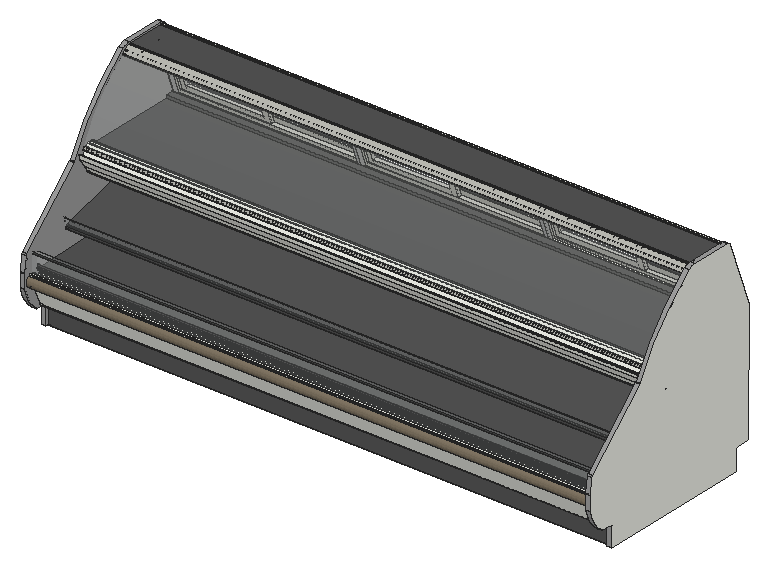
Revit family "CR3-H_2014", category Specialty Equipment, Revit 2014 (continued)
Automatic sketch dimensions
  Extrusion 4 sketch curve to Extrusion 4 sketch curve = 3.41548"
  Extrusion 4 sketch curve to Extrusion 4 sketch curve = 0.07575"
  Extrusion 4 sketch curve to Extrusion 4 sketch curve = 0.015"  (x2)
  Extrusion 4 sketch curve to Extrusion 4 sketch curve = 0.02598"
  Extrusion 4 sketch curve to Extrusion 4 sketch curve = 0.71047"
  Extrusion 4 sketch curve to Extrusion 4 sketch curve = 0.83571"
  Extrusion 4 sketch curve to Extrusion 4 sketch curve = 0.0325"
  Extrusion 4 sketch curve to Extrusion 4 sketch curve = 0.05157"
  Extrusion 4 sketch curve to Extrusion 4 sketch curve = 0.15131"
  Extrusion 4 sketch curve to Extrusion 4 sketch curve = 0.0366"
  Extrusion 4 sketch curve to Extrusion 4 sketch curve = 0.91312"
  Extrusion 4 sketch curve to Extrusion 4 sketch curve = 0.03995"
  Extrusion 4 sketch curve to Extrusion 4 sketch curve = 0.85479"
  Extrusion 4 sketch curve to Extrusion 4 sketch curve = 0.05372"
  Extrusion 4 sketch curve to Extrusion 4 sketch curve = 0.75387"
  Extrusion 4 sketch curve to Extrusion 4 sketch curve = 0.0238"
  Extrusion 4 sketch curve to Extrusion 4 sketch curve = 0.01291"
  Extrusion 4 sketch curve to Extrusion 4 sketch curve = 0.75022"
  Extrusion 4 sketch curve to Extrusion 4 sketch curve = 0.77812"
  Extrusion 4 sketch curve to Extrusion 4 sketch curve = 0.02374"
  Extrusion 4 sketch curve to Extrusion 4 sketch curve = 0.2159"
  Extrusion 4 sketch curve to Extrusion 4 sketch curve = 0.02365"
  Extrusion 4 sketch curve to Extrusion 4 sketch curve = 0.06259"
  Extrusion 4 sketch curve to Extrusion 4 sketch curve = 0.05811"
  Extrusion 4 sketch curve to Extrusion 4 sketch curve = 1/16"
  Extrusion 4 sketch curve to Extrusion 4 sketch curve = 0.00996"
  Extrusion 4 sketch curve to Extrusion 4 sketch curve = 0.06037"
  Extrusion 4 sketch curve to Extrusion 4 sketch curve = 1.03228"
  Extrusion 4 sketch curve to Extrusion 4 sketch curve = 0.002"
  Extrusion 4 sketch curve to Extrusion 4 sketch curve = 0.07433"
  Extrusion 4 sketch curve to Extrusion 4 sketch curve = 0.05894"
  Extrusion 4 sketch curve to Extrusion 4 sketch curve = 0.942"
  Extrusion 4 sketch curve to Extrusion 4 sketch curve = 0.437"
  Extrusion 4 sketch curve to Extrusion 4 sketch curve = 1.30099"
  Extrusion 4 sketch curve to Extrusion 4 sketch curve = 0.321"  (x2)
  Extrusion 4 sketch curve to Extrusion 4 sketch curve = 0.3835"
  Extrusion 4 sketch curve to Extrusion 4 sketch curve = 0.33171"
  Extrusion 4 sketch curve to Extrusion 4 sketch curve = 0.48743"
  Extrusion 4 sketch curve to Extrusion 4 sketch curve = 0.0925"  (x2)
  Extrusion 4 sketch curve to Extrusion 4 sketch curve = 0.71176"
  Extrusion 4 sketch curve to Extrusion 4 sketch curve = 0.95999"
  level to Extrusion 4 sketch curve = 7.41108"
  Extrusion 4 sketch curve to Extrusion 4 sketch curve = 0.70692"
  Extrusion 4 sketch curve to Extrusion 4 sketch curve = 0.92046"
  Extrusion 4 sketch curve to Extrusion 4 sketch curve = 0.03"
  Extrusion 4 sketch curve to Extrusion 4 sketch curve = 0.57125"
  Extrusion 4 sketch curve to Extrusion 4 sketch curve = 0.01129"
  Extrusion 4 sketch curve to Extrusion 4 sketch curve = 0.18131"
  Extrusion 4 sketch curve to Extrusion 4 sketch curve = 0.02229"
  Extrusion 4 sketch curve to Extrusion 4 sketch curve = 2.51608"
  Extrusion 4 sketch curve to Extrusion 4 sketch curve = 0.234"
  Extrusion 4 sketch curve to Extrusion 4 sketch curve = 3.88125"
  Extrusion 4 sketch curve to Extrusion 4 sketch curve = 0.91209"
  Extrusion 4 sketch curve to Extrusion 4 sketch curve = 0.01618"
  Extrusion 4 sketch curve to Extrusion 4 sketch curve = 0.09662"
  Extrusion 4 sketch curve to Extrusion 4 sketch curve = 0.11688"
  Extrusion 4 sketch curve to Extrusion 4 sketch curve = 1.62375"
  Extrusion 4 sketch curve to Extrusion 4 sketch curve = 0.1555"
  Extrusion 4 sketch curve to Extrusion 4 sketch curve = 0.062"
  Extrusion 4 sketch curve to Extrusion 4 sketch curve = 0.59641"
  Extrusion 4 sketch curve to Extrusion 4 sketch curve = 0.371"
  Extrusion 4 sketch curve to Extrusion 4 sketch curve = 0.24458"
  Extrusion 4 sketch curve to Extrusion 4 sketch curve = 12.24798"
  Extrusion 4 sketch curve to Extrusion 4 sketch curve = 0.00656"
  Extrusion 4 sketch curve to Extrusion 4 sketch curve = 0.39739"
  Extrusion 4 sketch curve to Extrusion 4 sketch curve = 0.32631"
  Extrusion 4 sketch curve to Extrusion 4 sketch curve = 0.39507"
  Extrusion 4 sketch curve to Extrusion 4 sketch curve = 2.2093"
  Extrusion 4 sketch curve to Extrusion 4 sketch curve = 0.96558"
  Extrusion 4 sketch curve to Extrusion 4 sketch curve = 0.01537"
  Extrusion 4 sketch curve to Extrusion 4 sketch curve = 1.40745"
  Extrusion 4 sketch curve to Extrusion 4 sketch curve = 1.95994"
  Extrusion 4 sketch curve to Extrusion 4 sketch curve = 0.22796"
  Extrusion 4 sketch curve to Extrusion 4 sketch curve = 0.43429"
  Extrusion 4 sketch curve to Extrusion 4 sketch curve = 0.4825"
  Extrusion 4 sketch curve to Extrusion 4 sketch curve = 0.17619"
  Extrusion 4 sketch curve to Extrusion 4 sketch curve = 0.12493"
  Extrusion 4 sketch curve to Extrusion 4 sketch curve = 1.46908"
  Extrusion 4 sketch curve to Extrusion 4 sketch curve = 0.03185"
  Extrusion 4 sketch curve to Extrusion 4 sketch curve = 2.01993"
  Extrusion 4 sketch curve to Extrusion 4 sketch curve = 0.68782"
  Extrusion 4 sketch curve to Extrusion 4 sketch curve = 0.00882"
  Extrusion 4 sketch curve to Extrusion 4 sketch curve = 0.37625"
  Extrusion 4 sketch curve to Extrusion 4 sketch curve = 0.06078"
  Extrusion 4 sketch curve to Extrusion 4 sketch curve = 0.07809"
  Extrusion 4 sketch curve to Extrusion 4 sketch curve = 4.12766"
  Extrusion 4 sketch curve to Extrusion 4 sketch curve = 0.01127"
  Extrusion 4 sketch curve to Extrusion 4 sketch curve = 0.16976"
  Extrusion 4 sketch curve to Extrusion 4 sketch curve = 0.01077"
  Extrusion 4 sketch curve to Extrusion 4 sketch curve = 0.25301"
  Extrusion 4 sketch curve to Extrusion 4 sketch curve = 0.0054"
  Extrusion 4 sketch curve to Extrusion 4 sketch curve = 0.11679"
  Extrusion 4 sketch curve to Extrusion 4 sketch curve = 35/128"
  Extrusion 4 sketch curve to Extrusion 4 sketch curve = 0.98246"
  Extrusion 4 sketch curve to Extrusion 4 sketch curve = 0.00402"
  Extrusion 4 sketch curve to Extrusion 4 sketch curve = 0.52991"
  Extrusion 4 sketch curve to Extrusion 4 sketch curve = 0.12516"
  Extrusion 4 sketch curve to Extrusion 4 sketch curve = 0.00521"
  Extrusion 4 sketch curve to Extrusion 4 sketch curve = 0.5022"
  Extrusion 4 sketch curve to Extrusion 4 sketch curve = 0.30902"
  Extrusion 4 sketch curve to Extrusion 4 sketch curve = 0.03957"
  Extrusion 4 sketch curve to Extrusion 4 sketch curve = 0.82"
  Extrusion 4 sketch curve to Extrusion 4 sketch curve = 0.0258"
  Extrusion 4 sketch curve to Extrusion 4 sketch curve = 0.03743"
  Extrusion 4 sketch curve to Extrusion 4 sketch curve = 0.03257"
  Extrusion 4 sketch curve to Extrusion 4 sketch curve = 0.03732"
  Extrusion 4 sketch curve to Extrusion 4 sketch curve = 0.15477"
  Extrusion 4 sketch curve to Extrusion 4 sketch curve = 0.04499"
  Extrusion 4 sketch curve to Extrusion 4 sketch curve = 0.435"  (x2)
  Extrusion 4 sketch curve to Extrusion 4 sketch curve = 0.50144"
  Extrusion 4 sketch curve to Extrusion 4 sketch curve = 0.00074"
  Extrusion 4 sketch curve to Extrusion 4 sketch curve = 0.03381"
  Extrusion 5 sketch curve to Extrusion 5 sketch curve = 0"  (x3)
  Extrusion 5 sketch curve to Extrusion 5 sketch curve = 0.06362"
  Extrusion 5 sketch curve to Extrusion 5 sketch curve = 0.07036"
  Extrusion 5 sketch curve to Extrusion 5 sketch curve = 0.03426"
  Extrusion 5 sketch curve to Extrusion 5 sketch curve = 0.0544"
  Extrusion 5 sketch curve to Extrusion 5 sketch curve = 0.06497"
  Extrusion 5 sketch curve to Extrusion 5 sketch curve = 0.03498"  (x2)
  Extrusion 5 sketch curve to Extrusion 5 sketch curve = 0.02998"
  Extrusion 5 sketch curve to Extrusion 5 sketch curve = 0.00096"
  Extrusion 5 sketch curve to Extrusion 5 sketch curve = 0.00112"
  Extrusion 5 sketch curve to Extrusion 5 sketch curve = 0.0139"
  plane 1 "Back" to Extrusion 5 sketch curve = 21.46057"
  Extrusion 5 sketch curve to Extrusion 5 sketch curve = 0.688"
  level to Extrusion 5 sketch curve = 14.02412"
  Extrusion 5 sketch curve to Extrusion 5 sketch curve = 0.43266"
  Extrusion 5 sketch curve to Extrusion 5 sketch curve = 0.0279"
  Extrusion 5 sketch curve to Extrusion 5 sketch curve = 0.6195"
  Extrusion 5 sketch curve to Extrusion 5 sketch curve = 0.00718"
  Extrusion 5 sketch curve to Extrusion 5 sketch curve = 0.44601"
  Extrusion 5 sketch curve to Extrusion 5 sketch curve = 0.01333"
  Extrusion 5 sketch curve to Extrusion 5 sketch curve = 9.28781"
  Extrusion 6 sketch curve to Extrusion 6 sketch curve = 0.06041"
  Extrusion 6 sketch curve to Extrusion 6 sketch curve = 0.16871"
  Extrusion 6 sketch curve to Extrusion 6 sketch curve = 0.06028"
  Extrusion 6 sketch curve to Extrusion 6 sketch curve = 0.00013"
  Extrusion 6 sketch curve to Extrusion 6 sketch curve = 0.01605"
  Extrusion 6 sketch curve to Extrusion 6 sketch curve = 0.20224"
  Extrusion 6 sketch curve to Extrusion 6 sketch curve = 0.04419"
  Extrusion 6 sketch curve to Extrusion 6 sketch curve = 0.06037"  (x4)
  Extrusion 6 sketch curve to Extrusion 6 sketch curve = 0.25343"
  Extrusion 6 sketch curve to Extrusion 6 sketch curve = 0.58875"
  Extrusion 6 sketch curve to Extrusion 6 sketch curve = 0.56443"
  Extrusion 6 sketch curve to Extrusion 6 sketch curve = 0.02594"
  Extrusion 6 sketch curve to Extrusion 6 sketch curve = 0.03864"
  Extrusion 6 sketch curve to Extrusion 6 sketch curve = 0.01757"
  Extrusion 6 sketch curve to Extrusion 6 sketch curve = 0.8447"
  Extrusion 6 sketch curve to Extrusion 6 sketch curve = 0.03897"
  Extrusion 6 sketch curve to Extrusion 6 sketch curve = 0.08331"
  Extrusion 6 sketch curve to Extrusion 6 sketch curve = 0.00906"  (x2)
  Extrusion 6 sketch curve to Extrusion 6 sketch curve = 0.03381"
  Extrusion 6 sketch curve to Extrusion 6 sketch curve = 0.08021"
  Extrusion 6 sketch curve to Extrusion 6 sketch curve = 0.03427"
  Extrusion 6 sketch curve to Extrusion 6 sketch curve = 0.03335"  (x2)
  Extrusion 6 sketch curve to Extrusion 6 sketch curve = 0.52078"
  Extrusion 6 sketch curve to Extrusion 6 sketch curve = 0.01551"
  Extrusion 6 sketch curve to Extrusion 6 sketch curve = 0.06761"
  Extrusion 6 sketch curve to Extrusion 6 sketch curve = 13.05208"
  Extrusion 6 sketch curve to Extrusion 6 sketch curve = 0.01618"  (x4)
  Extrusion 6 sketch curve to Extrusion 6 sketch curve = 0.19411"
  level to Extrusion 6 sketch curve = 19.52816"
  Extrusion 6 sketch curve to Extrusion 6 sketch curve = 0.04594"
  Extrusion 6 sketch curve to Extrusion 6 sketch curve = 0.00048"
  Extrusion 6 sketch curve to Extrusion 6 sketch curve = 0.06775"
  Extrusion 6 sketch curve to Extrusion 6 sketch curve = 0.09835"
  Extrusion 6 sketch curve to Extrusion 6 sketch curve = 0.03045"
  Extrusion 6 sketch curve to Extrusion 6 sketch curve = 0.11828"
  Extrusion 6 sketch curve to Extrusion 6 sketch curve = 0.06155"
  Extrusion 6 sketch curve to Extrusion 6 sketch curve = 0.19448"
  Extrusion 6 sketch curve to Extrusion 6 sketch curve = 0.00806"
  Extrusion 6 sketch curve to Extrusion 6 sketch curve = 0.73078"
  Extrusion 6 sketch curve to Extrusion 6 sketch curve = 0.04343"
  Extrusion 6 sketch curve to Extrusion 6 sketch curve = 0.15767"
  Extrusion 6 sketch curve to Extrusion 6 sketch curve = 0.03611"
  Extrusion 6 sketch curve to Extrusion 6 sketch curve = 0.29027"
  Extrusion 6 sketch curve to Extrusion 6 sketch curve = 0.02232"
  Extrusion 6 sketch curve to Extrusion 6 sketch curve = 3.49547"
  Extrusion 6 sketch curve to Extrusion 6 sketch curve = 0.72444"
  Extrusion 7 sketch curve to Extrusion 7 sketch curve = 0.12074"  (x2)
  Extrusion 7 sketch curve to Extrusion 7 sketch curve = 0.71175"
  Extrusion 7 sketch curve to Extrusion 7 sketch curve = 0.24152"
  level to Extrusion 7 sketch curve = 19.59182"
  Extrusion 7 sketch curve to Extrusion 7 sketch curve = 0.06457"
  Extrusion 7 sketch curve to Extrusion 7 sketch curve = 2.6563"
  Extrusion 7 sketch curve to Extrusion 7 sketch curve = 0.03235"
  Extrusion 8 sketch curve to Extrusion 8 sketch curve = 0.23743"
  Extrusion 8 sketch curve to Extrusion 8 sketch curve = 1/4"
  level to Extrusion 8 sketch curve = 13.11258"
  Extrusion 8 sketch curve to Extrusion 8 sketch curve = 5.49984"
  level to Extrusion 9 sketch curve = 11.47878"
  Extrusion 9 sketch curve to Extrusion 9 sketch curve = 1 1/4"
  level to Extrusion 12 sketch curve = 0.02008"
  Extrusion 12 sketch curve to Extrusion 12 sketch curve = 0.035"  (x3)
  Extrusion 12 sketch curve to level = 0.01492"  (x2)
  Extrusion 12 sketch curve to Extrusion 12 sketch curve = 29/64"
  Extrusion 12 sketch curve to Extrusion 12 sketch curve = 3/64"  (x2)
  Extrusion 12 sketch curve to Extrusion 12 sketch curve = 0.08188"
  plane 1 "Back" to Extrusion 12 sketch curve = 4.19387"
  level to Extrusion 12 sketch curve = 0.05241"
  Extrusion 12 sketch curve to Extrusion 12 sketch curve = 0.30277"
  level to Extrusion 12 sketch curve = 0.08467"
  Extrusion 12 sketch curve to Extrusion 12 sketch curve = 0.01862"
  Extrusion 12 sketch curve to Extrusion 12 sketch curve = 0.36323"
  level to Extrusion 12 sketch curve = 5/256"
  Extrusion 12 sketch curve to Extrusion 12 sketch curve = 0.00608"
  Extrusion 12 sketch curve to Extrusion 12 sketch curve = 3/8"  (x2)
  level to Extrusion 12 sketch curve = 0.45495"
  Extrusion 12 sketch curve to Extrusion 12 sketch curve = 0.01274"
  Extrusion 12 sketch curve to Extrusion 12 sketch curve = 4.68"
  Extrusion 12 sketch curve to Extrusion 12 sketch curve = 5.01739"
  Extrusion 16 sketch curve to Extrusion 16 sketch curve = 0.24987"
  level to Extrusion 16 sketch curve = 14.52078"
  Extrusion 16 sketch curve to Extrusion 16 sketch curve = 0.00803"
  Extrusion 19 sketch curve to Extrusion 19 sketch curve = 3.10211"
  Extrusion 19 sketch curve to Extrusion 19 sketch curve = 2.4486"
  Extrusion 19 sketch curve to Extrusion 19 sketch curve = 0.72957"
  Extrusion 19 sketch curve to Extrusion 19 sketch curve = 2.09477"
  Extrusion 19 sketch curve to Extrusion 19 sketch curve = 0.76243"
  Extrusion 20 sketch curve to Extrusion 20 sketch curve = 3.10211"
  Extrusion 20 sketch curve to Extrusion 20 sketch curve = 2.4486"
  Extrusion 20 sketch curve to Extrusion 20 sketch curve = 0.72957"
  Extrusion 20 sketch curve to Extrusion 20 sketch curve = 2.09477"
  Extrusion 20 sketch curve to Extrusion 20 sketch curve = 0.76243"
  Extrusion 25 sketch curve to Extrusion 25 sketch curve = 3.10211"
  Extrusion 25 sketch curve to Extrusion 25 sketch curve = 2.4486"
  Extrusion 25 sketch curve to Extrusion 25 sketch curve = 0.72957"
  Extrusion 25 sketch curve to Extrusion 25 sketch curve = 2.09477"
  Extrusion 25 sketch curve to Extrusion 25 sketch curve = 0.76243"
  Extrusion 26 sketch curve to Extrusion 26 sketch curve = 3.10211"
  Extrusion 26 sketch curve to Extrusion 26 sketch curve = 2.4486"
  Extrusion 26 sketch curve to Extrusion 26 sketch curve = 0.72957"
  Extrusion 26 sketch curve to Extrusion 26 sketch curve = 2.09477"
  Extrusion 26 sketch curve to Extrusion 26 sketch curve = 0.76243"
  Extrusion 27 sketch curve to Extrusion 27 sketch curve = 3.10211"
  Extrusion 27 sketch curve to Extrusion 27 sketch curve = 2.4486"
  Extrusion 27 sketch curve to Extrusion 27 sketch curve = 0.72957"
  Extrusion 27 sketch curve to Extrusion 27 sketch curve = 2.09477"
  Extrusion 27 sketch curve to Extrusion 27 sketch curve = 0.76243"
  Extrusion 31 sketch curve to Extrusion 31 sketch curve = 3.10211"
  Extrusion 31 sketch curve to Extrusion 31 sketch curve = 2.4486"
  Extrusion 31 sketch curve to Extrusion 31 sketch curve = 0.72957"
  Extrusion 31 sketch curve to Extrusion 31 sketch curve = 2.09477"
  Extrusion 31 sketch curve to Extrusion 31 sketch curve = 0.76243"
  Extrusion 32 sketch curve to Extrusion 32 sketch curve = 3.10211"
  Extrusion 32 sketch curve to Extrusion 32 sketch curve = 2.4486"
  Extrusion 32 sketch curve to Extrusion 32 sketch curve = 0.72957"
  Extrusion 32 sketch curve to Extrusion 32 sketch curve = 2.09477"
  Extrusion 32 sketch curve to Extrusion 32 sketch curve = 0.76243"
  Extrusion 33 sketch curve to Extrusion 33 sketch curve = 3.10211"
  Extrusion 33 sketch curve to Extrusion 33 sketch curve = 2.4486"
  Extrusion 33 sketch curve to Extrusion 33 sketch curve = 0.72957"
  Extrusion 33 sketch curve to Extrusion 33 sketch curve = 2.09477"
  Extrusion 33 sketch curve to Extrusion 33 sketch curve = 0.76243"
  Extrusion 37 sketch curve to Extrusion 37 sketch curve = 3.10211"
  Extrusion 37 sketch curve to Extrusion 37 sketch curve = 2.4486"
  Extrusion 37 sketch curve to Extrusion 37 sketch curve = 0.72957"
  Extrusion 37 sketch curve to Extrusion 37 sketch curve = 2.09477"
  Extrusion 37 sketch curve to Extrusion 37 sketch curve = 0.76243"
  Extrusion 38 sketch curve to Extrusion 38 sketch curve = 3.10211"
  Extrusion 38 sketch curve to Extrusion 38 sketch curve = 2.4486"
  Extrusion 38 sketch curve to Extrusion 38 sketch curve = 0.72957"
  Extrusion 38 sketch curve to Extrusion 38 sketch curve = 2.09477"
  Extrusion 38 sketch curve to Extrusion 38 sketch curve = 0.76243"
  Extrusion 41 sketch curve to Extrusion 41 sketch curve = 3.10211"
  Extrusion 41 sketch curve to Extrusion 41 sketch curve = 2.4486"
  Extrusion 41 sketch curve to Extrusion 41 sketch curve = 0.72957"
  Extrusion 41 sketch curve to Extrusion 41 sketch curve = 2.09477"
  Extrusion 41 sketch curve to Extrusion 41 sketch curve = 0.76243"
  Extrusion 42 sketch curve to Extrusion 42 sketch curve = 3.10211"
  Extrusion 42 sketch curve to Extrusion 42 sketch curve = 2.4486"
  Extrusion 42 sketch curve to Extrusion 42 sketch curve = 0.72957"
  Extrusion 42 sketch curve to Extrusion 42 sketch curve = 2.09477"
  Extrusion 42 sketch curve to Extrusion 42 sketch curve = 0.76243"
  Extrusion 45 sketch curve to Extrusion 45 sketch curve = 3.10211"
  Extrusion 45 sketch curve to Extrusion 45 sketch curve = 2.4486"
  Extrusion 45 sketch curve to Extrusion 45 sketch curve = 0.72957"
  Extrusion 45 sketch curve to Extrusion 45 sketch curve = 2.09477"
  Extrusion 45 sketch curve to Extrusion 45 sketch curve = 0.76243"
  Extrusion 46 sketch curve to Extrusion 46 sketch curve = 3.10211"
  Extrusion 46 sketch curve to Extrusion 46 sketch curve = 2.4486"
  Extrusion 46 sketch curve to Extrusion 46 sketch curve = 0.72957"
  Extrusion 46 sketch curve to Extrusion 46 sketch curve = 2.09477"
  Extrusion 46 sketch curve to Extrusion 46 sketch curve = 0.76243"
  Extrusion 4 sketch curve to Extrusion 4 sketch curve = 0.22465"
  Extrusion 4 sketch curve to Extrusion 4 sketch curve = 0.92417"
  Extrusion 4 sketch curve to Extrusion 4 sketch curve = 0.21425"
  plane 1 "Back" to Extrusion 4 sketch curve = 0.33657"
  plane 8 to Extrusion 4 sketch curve = 0.09572"
  Extrusion 4 sketch curve to Extrusion 4 sketch curve = 0.53"
  plane 8 to Extrusion 4 sketch curve = 3.18393"
  Extrusion 4 sketch curve to Extrusion 4 sketch curve = 0.05336"
  plane 8 to Extrusion 4 sketch curve = 3.50133"
  Extrusion 4 sketch curve to Extrusion 4 sketch curve = 0.785"
  Extrusion 4 sketch curve to Extrusion 4 sketch curve = 0.40118"
  Extrusion 4 sketch curve to Extrusion 4 sketch curve = 0.46779"
  Extrusion 4 sketch curve to plane 8 = 0.05343"
  Extrusion 4 sketch curve to plane 8 = 0.15672"
  plane 8 to Extrusion 10 sketch curve = 0.09233"
  plane 8 to Extrusion 10 sketch curve = 0.01698"
  Extrusion 10 sketch curve to plane 8 = 0.02831"
  Extrusion 10 sketch curve to Extrusion 10 sketch curve = 0.23622"
  Extrusion 10 sketch curve to Extrusion 10 sketch curve = 0.2303"
  level to Extrusion 11 sketch curve = 19.53233"
  plane 8 to Extrusion 11 sketch curve = 2.41645"
  Extrusion 11 sketch curve to Extrusion 11 sketch curve = 0.09901"
  Extrusion 11 sketch curve to Extrusion 11 sketch curve = 0.12395"
  Extrusion 11 sketch curve to Extrusion 11 sketch curve = 0.42972"
  Extrusion 11 sketch curve to Extrusion 11 sketch curve = 0.00406"
  Extrusion 11 sketch curve to Extrusion 11 sketch curve = 0.09396"
  Extrusion 11 sketch curve to Extrusion 11 sketch curve = 0.10363"
  Extrusion 11 sketch curve to Extrusion 11 sketch curve = 0.03523"
  Extrusion 11 sketch curve to Extrusion 11 sketch curve = 0.24706"
  Extrusion 11 sketch curve to Extrusion 11 sketch curve = 0.03896"
  Extrusion 11 sketch curve to Extrusion 11 sketch curve = 0.51233"
  Extrusion 11 sketch curve to Extrusion 11 sketch curve = 0.032"
  Extrusion 11 sketch curve to Extrusion 11 sketch curve = 0.07685"
  Extrusion 11 sketch curve to Extrusion 11 sketch curve = 0.11966"
  Extrusion 11 sketch curve to Extrusion 11 sketch curve = 0.00808"
  Extrusion 11 sketch curve to Extrusion 11 sketch curve = 0.04801"
  Extrusion 11 sketch curve to Extrusion 11 sketch curve = 0.04591"
  plane 8 to Extrusion 11 sketch curve = 0.34618"
  plane 8 to Extrusion 11 sketch curve = 0.26542"
  Extrusion 11 sketch curve to Extrusion 11 sketch curve = 0.03859"
  plane 8 to Extrusion 11 sketch curve = 0.09572"
  Extrusion 11 sketch curve to plane 8 = 0.13138"
  plane 8 to Extrusion 13 sketch curve = 18.06353"
  Extrusion 13 sketch curve to Extrusion 13 sketch curve = 0.3456"
  level to Extrusion 14 sketch curve = 19.53233"
  plane 8 to Extrusion 14 sketch curve = 17.70503"
  plane 9 to Extrusion 4 sketch curve = 6.06739"
  plane 9 to Extrusion 5 sketch curve = 3.77178"
  plane 9 to Extrusion 6 sketch curve = 12.69225"
  plane 9 to Extrusion 7 sketch curve = 12.22178"
  plane 9 to Extrusion 8 sketch curve = 1.89546"
  plane 9 to Extrusion 9 sketch curve = 0.9987"
  plane 9 to Extrusion 9 sketch curve = 1.27995"
  plane 8 to Extrusion 11 sketch curve = 17.50201"
  plane 9 to Extrusion 12 sketch curve = 7.57175"
  plane 9 to Extrusion 13 sketch curve = 21.14121"
  Extrusion 14 sketch curve to Extrusion 14 sketch curve = 13.37003"
  plane 9 to Extrusion 16 sketch curve = 3.59732"
  Extrusion 16 sketch curve to Extrusion 16 sketch curve = 0.12848"
  Extrusion 49 sketch curve to level = 0"
  Extrusion 49 sketch curve to plane 1 "Back" = 0"
  level to Extrusion 49 sketch curve = 4.82131"
  level to Extrusion 49 sketch curve = 5.0659"
  Extrusion 49 sketch curve to Extrusion 49 sketch curve = 1/2"  (x3)
  level to Extrusion 49 sketch curve = 8.20113"
  Extrusion 49 sketch curve to plane 9 = 0.25227"
  Extrusion 49 sketch curve to Extrusion 49 sketch curve = 5.99503"
  Extrusion 49 sketch curve to Extrusion 49 sketch curve = 7.97116"
  plane 9 to Extrusion 49 sketch curve = 0.44773"
  Extrusion 49 sketch curve to Extrusion 49 sketch curve = 3.55575"
  Extrusion 49 sketch curve to plane 9 = 0.24444"
  plane 9 to Extrusion 49 sketch curve = 1.02937"
  Extrusion 49 sketch curve to Extrusion 49 sketch curve = 3.85592"
  plane 9 to Extrusion 49 sketch curve = 0.3372"
  Extrusion 49 sketch curve to Extrusion 49 sketch curve = 0.10441"
  plane 9 to Extrusion 49 sketch curve = 0.55019"
  plane 8 to Extrusion 49 sketch curve = 19.4892"
  Extrusion 49 sketch curve to Extrusion 49 sketch curve = 0.51027"
  plane 8 to Extrusion 49 sketch curve = 16.3017"
  plane 8 to Extrusion 49 sketch curve = 2.47374"
  plane 8 to Extrusion 49 sketch curve = 0.17374"
  Extrusion 49 sketch curve to plane 8 = 0.06605"
  Extrusion 49 sketch curve to plane 8 = 0.52626"
  Extrusion 49 sketch curve to plane 1 "Back" = 16.495"
  Extrusion 49 sketch curve to Extrusion 49 sketch curve = 3.00118"
  plane 1 "Back" to Extrusion 49 sketch curve = 5.96807"
  Extrusion 49 sketch curve to Extrusion 49 sketch curve = 10.41409"
  plane 9 to Extrusion 49 sketch curve = 15.7486"
  Extrusion 49 sketch curve to Extrusion 49 sketch curve = 0.47919"
  Extrusion 49 sketch curve to Extrusion 49 sketch curve = 9.01499"
  Extrusion 49 sketch curve to Extrusion 49 sketch curve = 2.96898"
  Extrusion 49 sketch curve to Extrusion 49 sketch curve = 0"
  Extrusion 50 sketch curve to level = 0"
  Extrusion 50 sketch curve to plane 1 "Back" = 0"
  plane 1 "Back" to Extrusion 50 sketch curve = 1/2"
  Extrusion 50 sketch curve to Extrusion 50 sketch curve = 3.00118"
  plane 1 "Back" to Extrusion 50 sketch curve = 4.00118"
  Extrusion 50 sketch curve to plane 8 = 0.06605"
  plane 1 "Back" to Extrusion 50 sketch curve = 5.96807"
  Extrusion 50 sketch curve to plane 8 = 0.52626"
  Extrusion 50 sketch curve to Extrusion 50 sketch curve = 0.65765"
  plane 8 to Extrusion 50 sketch curve = 2.47374"
  Extrusion 50 sketch curve to Extrusion 50 sketch curve = 10.41409"
  plane 9 to Extrusion 50 sketch curve = 15.7486"
  Extrusion 50 sketch curve to Extrusion 50 sketch curve = 0.47919"
  plane 9 to Extrusion 50 sketch curve = 9.46272"
  plane 9 to Extrusion 50 sketch curve = 6.53707"
  Extrusion 50 sketch curve to Extrusion 50 sketch curve = 1/2"
  Extrusion 50 sketch curve to Extrusion 50 sketch curve = 2.46898"
  plane 9 to Extrusion 50 sketch curve = 1.02937"
  plane 9 to Extrusion 50 sketch curve = 0.55019"
  plane 9 to Extrusion 50 sketch curve = 0.44773"
  plane 9 to Extrusion 50 sketch curve = 0.3372"
  Extrusion 50 sketch curve to plane 9 = 0.24444"
  Extrusion 50 sketch curve to Extrusion 50 sketch curve = 1/128"
  level to Extrusion 50 sketch curve = 8.20113"
  Extrusion 50 sketch curve to plane 1 "Back" = 16.495"
  level to Extrusion 50 sketch curve = 4.82131"
  level to Extrusion 50 sketch curve = 5.0659"
  Extrusion 50 sketch curve to Extrusion 50 sketch curve = 5.99503"
  Extrusion 50 sketch curve to Extrusion 50 sketch curve = 3.55575"
  Extrusion 50 sketch curve to Extrusion 50 sketch curve = 3.85592"
  Extrusion 50 sketch curve to Extrusion 50 sketch curve = 0.10441"
  plane 8 to Extrusion 50 sketch curve = 19.4892"
  Extrusion 50 sketch curve to Extrusion 50 sketch curve = 0.51027"
  plane 8 to Extrusion 50 sketch curve = 16.3017"
  Extrusion 50 sketch curve to Extrusion 50 sketch curve = 0"
  Extrusion 1 sketch curve to Extrusion 1 sketch curve = 0"  (x2)
  Extrusion 2 sketch curve to Extrusion 2 sketch curve = 0"
  Extrusion 3 sketch curve to Extrusion 3 sketch curve = 0"
  curve 8 to plane 3 "Left" = 0"
  curve 8 to plane 6 "Right" = 0"
  plane 1 "Back" to curve 1 = 0"
  plane 1 "Back" to curve 4 = 0"
  plane 1 "Back" to curve 2 = 0"
  plane 1 "Back" to curve 3 = 0"
  plane 1 "Back" to curve 5 = 0"
  curve 3 to plane 9 = 1"
  curve 4 to plane 9 = 1"
  curve 2 to plane 9 = 1"
  curve 5 to plane 9 = 1"
  curve 1 to plane 9 = 1"
  Extrusion 15 sketch curve to Extrusion 15 sketch curve = 0"  (x3)
  plane 4 "Center (Left/Right)" to Extrusion 15 sketch curve = 5"
Nested families (in)
  nested 1: "Floor Support - Pegs" at (-75.99499, -30.6875, 0), type "Floor Support - Pegs"
  nested 2: "Floor Support - Pegs" at (65.38051, -30.6875, 0), type "Floor Support - Pegs"
  nested 3: "Service Doors - 110deg - 48" at (18.69301, -25.0591, 11.25191), visible <- "12 Case", type "Service Doors - 110deg - 48"
  nested 4: "Light" at (-5.30699, -5.50716, -2.18133), type "Light"
  nested 5: "Light" at (-5.30699, -20.5797, -21.84835), type "Light"
  nested 6: "Light" at (-5.30699, -27.6863, -31.8452), type "Light"
  nested 7: "Service Doors - 110deg - 48" at (-29.30699, -25.0591, 11.25191), visible <- "12 Case", type "Service Doors - 110deg - 48"
  nested 8: "Service Doors - 110deg - 48" at (-77.30699, -25.0591, 11.25191), visible <- "12 Case", type "Service Doors - 110deg - 48"
  nested 9: "Service Doors - 110deg - 48" at (18.69301, -25.0591, 11.25191), visible <- "12 Case", type "Service Doors - 110deg - 48", not visible
  nested 10: "Service Doors - 110deg - 48" at (-29.30699, -25.0591, 11.25191), visible <- "12 Case", type "Service Doors - 110deg - 48", not visible
  nested 11: "Service Doors - 110deg - 48" at (-77.30699, -25.0591, 11.25191), visible <- "12 Case", type "Service Doors - 110deg - 48", not visible
  nested 12: "Service Doors - 110deg - 48" at (-29.30699, -25.0591, 11.25191), visible <- "8 Case", type "Service Doors - 110deg - 48"
  nested 13: "Service Doors - 110deg - 48" at (-77.30699, -25.0591, 11.25191), visible <- "8 Case", type "Service Doors - 110deg - 48"
  nested 14: "Service Doors - 110deg - 48" at (-29.30699, -25.0591, 11.25191), visible <- "8 Case", type "Service Doors - 110deg - 48", not visible
  nested 15: "Service Doors - 110deg - 48" at (-77.30699, -25.0591, 11.25191), visible <- "8 Case", type "Service Doors - 110deg - 48", not visible
  nested 16: "Service Doors - 110deg - 48" at (-77.30699, -25.0591, 11.25191), visible <- "4 Case", type "Service Doors - 110deg - 48"
  nested 17: "Service Doors - 110deg - 48" at (-77.30699, -25.0591, 11.25191), visible <- "4 Case", type "Service Doors - 110deg - 48", not visible
  nested 18: "Service Doors - 110deg - 60" at (-77.30699, -25.0591, 11.25191), visible <- "5 Case", type "Service Doors - 110deg - 60"
  nested 19: "Service Doors - 110deg - 60" at (-170.99499, -25.0591, 11.25191), visible <- "5 Case", type "Service Doors - 110deg - 60", not visible
  nested 20: "Service Doors - 110deg - 60" at (-17.30699, -25.0591, 11.25191), visible <- "10 Case", type "Service Doors - 110deg - 60"
  nested 21: "Service Doors - 110deg - 60" at (-110.99499, -25.0591, 11.25191), visible <- "10 Case", type "Service Doors - 110deg - 60", not visible
  nested 22: "Service Doors - 110deg - 60" at (-77.30699, -25.0591, 11.25191), visible <- "10 Case", type "Service Doors - 110deg - 60"
  nested 23: "Service Doors - 110deg - 60" at (-170.99499, -25.0591, 11.25191), visible <- "10 Case", type "Service Doors - 110deg - 60", not visible
  nested 24: "Service Doors - 110deg - 72" at (-77.30699, -25.0591, 11.25191), visible <- "6 Case", type "Service Doors - 110deg - 72"
  nested 25: "Service Doors - 110deg - 72" at (-72.99499, -14.67418, 0), visible <- "6 Case", type "Service Doors - 110deg - 72", not visible
  nested 26: "Sliding Doors" at (-77.30699, -0.27157, 7.54708), type "Sliding Doors"
  nested 27: "Shelf Braket - 02" at (-75.99499, -21.46057, 19.51458), type "Shelf Braket - 02"
  nested 28: "Shelf Braket - 02" at (65.38051, -21.46057, 19.51458), type "Shelf Braket - 02"
  nested 29: "Floor Support - Pegs" at (-28.86982, -30.6875, 0), type "Floor Support - Pegs"
  nested 30: "Shelf Braket - 02" at (-28.86982, -21.46057, 19.51458), type "Shelf Braket - 02"
  nested 31: "Floor Support - Pegs" at (18.25535, -30.6875, 0), type "Floor Support - Pegs"
  nested 32: "Shelf Braket - 02" at (18.25535, -21.46057, 19.51458), type "Shelf Braket - 02"
Connectors (in)
  piping at (-13.43199, -38.875, 0), diameter 1.5, driven by "Waste Drain"
    settings: on Extrusion 1, index 8, connector inside diameter 1 1/4", connector length 0", flow factor 0, pipe flow 0 GPM, pressure drop 0.00 psi, fitting loss kfactor 0, connector angle 0.00°, fixture units 0, engagement length 0", angle of deflection 0.00°, flow configuration 0, flow direction 0, fitting loss method 0, system type 16, joint type 0, gender type 0, connector reference index -1, connector utility 0, adjustable connector no, is connector primary yes, connector description "1 1/4\""
  piping at (60.38051, -37.125, 0), diameter 0.625, driven by "Refrig. Suction", driven by "Refrigeration Lines Suction"
    settings: on Extrusion 2, index 9, connector inside diameter 7/8", connector length 0", flow factor 0, pipe flow 0 GPM, pressure drop 0.00 psi, fitting loss kfactor 0, connector angle 0.00°, fixture units 0, engagement length 0", angle of deflection 0.00°, flow configuration 0, flow direction 2, fitting loss method 0, system type 22, joint type 0, gender type 0, connector reference index -1, connector utility 0, adjustable connector no, is connector primary no, connector description "Suction"
  piping at (60.88051, -37.125, 0), diameter 0.375, driven by "Refrig. Liquid", driven by "Refrigeration Lines Liquid"
    settings: on Extrusion 3, index 10, connector inside diameter 3/8", connector length 0", flow factor 0, pipe flow 0 GPM, pressure drop 0.00 psi, fitting loss kfactor 0, connector angle 0.00°, fixture units 0, engagement length 0", angle of deflection 0.00°, flow configuration 0, flow direction 1, fitting loss method 0, system type 22, joint type 0, gender type 0, connector reference index -1, connector utility 0, adjustable connector no, is connector primary no, connector description "Liquid"
  piping at (-0.30699, -17.375, 0), diameter 1.5, driven by "Waste Drain"
    settings: on Extrusion 15, index 13, connector inside diameter 1 1/4", connector length 0", flow factor 0, pipe flow 0 GPM, pressure drop 0.00 psi, fitting loss kfactor 0, connector angle 0.00°, fixture units 0, engagement length 0", angle of deflection 0.00°, flow configuration 0, flow direction 0, fitting loss method 0, system type 16, joint type 0, gender type 0, connector reference index -1, connector utility 0, adjustable connector no, is connector primary no, connector description ""
Definition of nested family "Floor Support - Pegs"
  Parameters (values of type "Floor Support - Pegs")
    Leg = Stainless Steel
    Height = 6"
    Depth = 35 3/4"
  Reference planes (in)
    plane 1 "Center (Front/Back)": y = 6.9375
    plane 2: z = 0
    plane 3 "Center (Left/Right)": x = 0
    plane 4: z = 6
    plane 5: y = 24.8125
    plane 6: y = -10.9375
  Forms (in)
    Revolve 1, solid, material "Stainless Steel" <- "Leg"
      sketch origin (0, 0, 0) x (0, 1, 0) y (0, 0, 1)
        loop
          line (-10.9375, 0) -> (-10.4375, 0) -> (-10.4375, 1.00794)
          arc (-10.4375, 1.00794) -> (-10.21653, 1.09947) -> (-10.125, 1.32044) r 0.3125
          line (-10.125, 1.32044) -> (-10.125, 3.375) -> (-10, 3.375) -> (-10, 6) -> (-10.9375, 6) -> (-10.9375, 0)
        axis (-10.9375, 0) -> (-10.9375, 6)
      angle from 0 to 360
    Revolve 2, solid, material "Stainless Steel" <- "Leg"
      sketch origin (0, 35.75, 0) x (0, 1, 0) y (0, 0, 1)
        loop
          line (-10.9375, 0) -> (-10.4375, 0) -> (-10.4375, 1.00794)
          arc (-10.4375, 1.00794) -> (-10.21653, 1.09947) -> (-10.125, 1.32044) r 0.3125
          line (-10.125, 1.32044) -> (-10.125, 3.375) -> (-10, 3.375) -> (-10, 6) -> (-10.9375, 6) -> (-10.9375, 0)
        axis (-10.9375, 0) -> (-10.9375, 6)
      angle from 0 to 360
  Dimensions and locks (in)
    "Height": plane 4 to level
    Revolve 1 sketch curve to Revolve 1 sketch curve = 5/16"
    locked: Revolve 1 sketch curve to Revolve 1 sketch curve at 0.5
    "Depth": plane 6 to plane 5
    equal spacing: plane 6, plane 1 "Center (Front/Back)", plane 5
    plane 4 to Revolve 1 sketch curve = 2 5/8"
    locked: Revolve 1 sketch curve to Revolve 1 sketch curve at 0.125
    Revolve 2 sketch curve to Revolve 2 sketch curve = 5/16"
    locked: Revolve 2 sketch curve to Revolve 2 sketch curve at 0.5
    locked: Revolve 2 sketch curve to Revolve 2 sketch curve at 0.125
    aligned and locked: plane 2 to level
    aligned and locked: Revolve 1 sketch curve to Revolve 1 sketch curve
    aligned and locked: plane 6 to Revolve 1 sketch curve
    aligned and locked: Revolve 2 sketch curve to Revolve 2 sketch curve
    aligned and locked: plane 5 to Revolve 2 sketch curve
  Automatic sketch dimensions
    Revolve 1 sketch curve to level = 0"  (x2)
    Revolve 1 sketch curve to plane 4 = 0"  (x2)
    Revolve 1 sketch curve to Revolve 1 sketch curve = 1.00794"
    Revolve 2 sketch curve to level = 0"  (x2)
    Revolve 2 sketch curve to plane 4 = 0"  (x2)
    level to Revolve 2 sketch curve = 1.00794"
    Revolve 2 sketch curve to Revolve 2 sketch curve = 2.05456"
Definition of nested family "Service Doors - 110deg - 48"
  Parameters (values of type "Service Doors - 110deg - 48")
    Glazing = Glass
    Door Frame = Plastic - 144 Mist Gray
  Reference planes (in)
    plane 1 "Center (Front/Back)": y = 25.29918
    plane 2: z = 0
    plane 3 "Center (Left/Right)": x = 0
  Forms (in)
    Sweep 1, solid, material "Plastic - 144 Mist Gray" <- "Door Frame"
      path in 3D
        loop
          line (48, 19.82686, 39.76221) -> (0, 19.82686, 39.76221) -> (0, 25.29918, 24.72713) -> (48, 25.29918, 24.72713) -> (48, 19.82686, 39.76221)
      profile origin (24, 19.82686, 39.76221) x (0, -0.999433, -0.03367) y (0, -0.03367, 0.999433)
        loop
          line (0.22211, -0.07247) -> (0, 0) -> (-0.46528, -1.42601) -> (1.67266, -2.12358) -> (1.98285, -1.17291) -> (0.08303, -0.55303) -> (0.22211, -0.07247)
    Extrusion 2, solid, material "Plastic - 144 Mist Gray" <- "Door Frame"
      sketch origin (1.5, 18.22664, 37.58351) x (0, 0.34202, -0.939693) y (0, 0.939693, 0.34202)
        loop
          line (0, 0.25) -> (13, 0.25) -> (13, 1.0625) -> (0, 1.0625) -> (0, 0.25)
      from 0 to 23
    Extrusion 3, solid, material "Plastic - 144 Mist Gray" <- "Door Frame"
      sketch origin (46.5, 22.67291, 25.36751) x (0, -0.34202, 0.939693) y (0, 0.939693, 0.34202)
        loop
          line (13, 1.875) -> (0, 1.875) -> (0, 1.0625) -> (13, 1.0625) -> (13, 1.875)
      from 0 to 23
    Extrusion 4, void
      sketch origin (46.5, 16.02328, 49.11934) x (0, -0.34202, 0.939693) y (-1, 0, 0)
        loop
          line (-23.09373, 21.5) -> (-23.09373, 1.5) -> (-13.09373, 1.5) -> (-13.09373, 21.5) -> (-23.09373, 21.5)
      from 0 to 0.8125
    Extrusion 5, void
      sketch origin (1.5, 18.28571, 38.15219) x (0, -0.34202, 0.939693) y (1, 0, 0)
        loop
          line (-2.01418, 21.5) -> (-12.01418, 21.5) -> (-12.01418, 1.5) -> (-2.01418, 1.5) -> (-2.01418, 21.5)
      from 0 to 0.8125
    Extrusion 6, solid, material "Glass" <- "Glazing"
      sketch origin (25, 24.43483, 26.0088) x (0, -0.34202, 0.939693) y (0, -0.939693, -0.34202)
        loop
          line (1.5, 0.1875) -> (13, 0.1875) -> (13, 0.625) -> (1.5, 0.625) -> (1.5, 0.1875)
      from 0 to 20
    Extrusion 7, solid, material "Glass" <- "Glazing"
      sketch origin (23, 18.46157, 37.66902) x (0, 0.34202, -0.939693) y (0, -0.939693, -0.34202)
        loop
          line (1.5, -0.625) -> (13, -0.625) -> (13, -0.1875) -> (1.5, -0.1875) -> (1.5, -0.625)
      from 0 to 20
  Cuts and joins
    Extrusion 4 cuts Extrusion 3
    Extrusion 5 cuts Extrusion 2
  Lines and regions (in)
    sketch lines
      curve 1: line (48, 25.29918, 24.72713) -> (48, 19.82686, 39.76221)
      curve 2: line (0, 19.82686, 39.76221) -> (0, 25.29918, 24.72713)
      curve 3: line (48, 19.82686, 39.76221) -> (0, 19.82686, 39.76221)
      curve 4: line (48, 25.29918, 24.72713) -> (0, 25.29918, 24.72713)
  Dimensions and locks (in)
    Extrusion 2 to Extrusion 3 = 45"
    plane 3 "Center (Left/Right)" to Sweep 1 = 48"
    Sweep 1 to Sweep 1 = 1 1/2"
    locked: cut or joined group of Extrusion 3, Extrusion 4 to Extrusion 4 sketch curve at 1.5
    locked: Extrusion 5 sketch curve to cut or joined group of Extrusion 2, Extrusion 5 at 1.5
    Sweep 1 to Sweep 1 = 16"
    locked: cut or joined group of Extrusion 2, Extrusion 5 to Extrusion 5 sketch curve at 1.5  (x2)
    locked: Sweep 1 to Extrusion 5 sketch curve at 1.5
    locked: Extrusion 4 sketch curve to Sweep 1 at 1.5  (x3)
    Sweep 1 to Sweep 1 = 45"
    angle level to Sweep 1 = 110.00°
    aligned and locked: plane 2 to level
    aligned and locked: Extrusion 3 to Sweep 1  (x3)
    aligned and locked: Extrusion 2 to Sweep 1
    aligned and locked: Extrusion 6 to cut or joined group of Extrusion 3, Extrusion 4
    aligned and locked: cut or joined group of Extrusion 3, Extrusion 4 to Extrusion 6
    aligned and locked: cut or joined group of Extrusion 2, Extrusion 5 to Extrusion 7
    aligned and locked: plane 1 "Center (Front/Back)" to Sweep 1
    aligned and locked: Sweep 1 to Extrusion 2 sketch curve  (x2)
    aligned and locked: cut or joined group of Extrusion 2, Extrusion 5 to Extrusion 7 sketch curve
    aligned and locked: Extrusion 7 sketch curve to Sweep 1
    aligned and locked: Sweep 1 to Extrusion 3 sketch curve  (x2)
    aligned and locked: Extrusion 6 sketch curve to Sweep 1
    aligned and locked: Extrusion 6 sketch curve to cut or joined group of Extrusion 3, Extrusion 4
Definition of nested family "Service Doors - 110deg - 60"
  Parameters (values of type "Service Doors - 110deg - 60")
    Glazing = Glass
    Door Frame = Plastic - 144 Mist Gray
  Reference planes (in)
    plane 1 "Center (Front/Back)": y = 25.29918
    plane 2: z = 0
    plane 3 "Center (Left/Right)": x = 0
  Forms (in)
    Sweep 1, solid, material "Plastic - 144 Mist Gray" <- "Door Frame"
      path in 3D
        loop
          line (60, 19.82686, 39.76221) -> (0, 19.82686, 39.76221) -> (0, 25.29918, 24.72713) -> (60, 25.29918, 24.72713) -> (60, 19.82686, 39.76221)
      profile origin (30, 19.82686, 39.76221) x (0, -0.999433, -0.03367) y (0, -0.03367, 0.999433)
        loop
          line (0.22211, -0.07247) -> (0, 0) -> (-0.46528, -1.42601) -> (1.67266, -2.12358) -> (1.98285, -1.17291) -> (0.08303, -0.55303) -> (0.22211, -0.07247)
    Extrusion 2, solid, material "Plastic - 144 Mist Gray" <- "Door Frame"
      sketch origin (1.5, 18.22664, 37.58351) x (0, 0.34202, -0.939693) y (0, 0.939693, 0.34202)
        loop
          line (0, 0.25) -> (13, 0.25) -> (13, 1.0625) -> (0, 1.0625) -> (0, 0.25)
      from 0 to 29
    Extrusion 3, solid, material "Plastic - 144 Mist Gray" <- "Door Frame"
      sketch origin (58.5, 22.67291, 25.36751) x (0, -0.34202, 0.939693) y (0, 0.939693, 0.34202)
        loop
          line (13, 1.875) -> (0, 1.875) -> (0, 1.0625) -> (13, 1.0625) -> (13, 1.875)
      from 0 to 28.98862
    Extrusion 4, void
      sketch origin (58.5, 16.02328, 49.11934) x (0, -0.34202, 0.939693) y (-1, 0, 0)
        loop
          line (-23.09373, 27.48862) -> (-23.09373, 1.5) -> (-13.09373, 1.5) -> (-13.09373, 27.48862) -> (-23.09373, 27.48862)
      from 0 to 0.8125
    Extrusion 5, void
      sketch origin (1.5, 18.28571, 38.15219) x (0, -0.34202, 0.939693) y (1, 0, 0)
        loop
          line (-2.01418, 27.5) -> (-12.01418, 27.5) -> (-12.01418, 1.5) -> (-2.01418, 1.5) -> (-2.01418, 27.5)
      from 0 to 0.8125
    Extrusion 6, solid, material "Glass" <- "Glazing"
      sketch origin (31.01138, 24.43483, 26.0088) x (0, -0.34202, 0.939693) y (0, -0.939693, -0.34202)
        loop
          line (1.5, 0.1875) -> (13, 0.1875) -> (13, 0.625) -> (1.5, 0.625) -> (1.5, 0.1875)
      from 0 to 25.98862
    Extrusion 7, solid, material "Glass" <- "Glazing"
      sketch origin (29, 18.46157, 37.66902) x (0, 0.34202, -0.939693) y (0, -0.939693, -0.34202)
        loop
          line (1.5, -0.625) -> (13, -0.625) -> (13, -0.1875) -> (1.5, -0.1875) -> (1.5, -0.625)
      from 0 to 26
  Cuts and joins
    Extrusion 4 cuts Extrusion 3
    Extrusion 5 cuts Extrusion 2
  Lines and regions (in)
    sketch lines
      curve 1: line (60, 25.29918, 24.72713) -> (60, 19.82686, 39.76221)
      curve 2: line (0, 19.82686, 39.76221) -> (0, 25.29918, 24.72713)
      curve 3: line (60, 19.82686, 39.76221) -> (0, 19.82686, 39.76221)
      curve 4: line (60, 25.29918, 24.72713) -> (0, 25.29918, 24.72713)
  Dimensions and locks (in)
    Extrusion 2 to Extrusion 3 = 57"
    plane 3 "Center (Left/Right)" to Sweep 1 = 60"
    Sweep 1 to Sweep 1 = 1 1/2"
    locked: cut or joined group of Extrusion 3, Extrusion 4 to Extrusion 4 sketch curve at 1.5
    locked: Extrusion 5 sketch curve to cut or joined group of Extrusion 2, Extrusion 5 at 1.5
    Sweep 1 to Sweep 1 = 16"
    locked: cut or joined group of Extrusion 2, Extrusion 5 to Extrusion 5 sketch curve at 1.5  (x2)
    locked: Sweep 1 to Extrusion 5 sketch curve at 1.5
    locked: Extrusion 4 sketch curve to Sweep 1 at 1.5  (x3)
    Sweep 1 to Sweep 1 = 57"
    angle level to Sweep 1 = 110.00°
    aligned and locked: plane 2 to level
    aligned and locked: Extrusion 3 to Sweep 1  (x3)
    aligned and locked: Extrusion 2 to Sweep 1
    aligned and locked: Extrusion 6 to cut or joined group of Extrusion 3, Extrusion 4
    aligned and locked: cut or joined group of Extrusion 3, Extrusion 4 to Extrusion 6
    aligned and locked: cut or joined group of Extrusion 2, Extrusion 5 to Extrusion 7
    aligned and locked: plane 1 "Center (Front/Back)" to Sweep 1
    aligned and locked: Sweep 1 to Extrusion 2 sketch curve  (x2)
    aligned and locked: cut or joined group of Extrusion 2, Extrusion 5 to Extrusion 7 sketch curve
    aligned and locked: Extrusion 7 sketch curve to Sweep 1
    aligned and locked: Sweep 1 to Extrusion 3 sketch curve  (x2)
    aligned and locked: Extrusion 6 sketch curve to Sweep 1
    aligned and locked: Extrusion 6 sketch curve to cut or joined group of Extrusion 3, Extrusion 4
Definition of nested family "Service Doors - 110deg - 72"
  Parameters (values of type "Service Doors - 110deg - 72")
    Glazing = none
    Door Frame = none
  Reference planes (in)
    plane 1 "Center (Front/Back)": y = 25.29918
    plane 2: z = 0
    plane 3 "Center (Left/Right)": x = 0
  Forms (in)
    Sweep 1, solid, material <- "Door Frame"
      path in 3D
        loop
          line (72, 19.82686, 39.76221) -> (0, 19.82686, 39.76221) -> (0, 25.29918, 24.72713) -> (72, 25.29918, 24.72713) -> (72, 19.82686, 39.76221)
      profile origin (36, 19.82686, 39.76221) x (0, -0.999433, -0.03367) y (0, -0.03367, 0.999433)
        loop
          line (0.22211, -0.07247) -> (0, 0) -> (-0.46528, -1.42601) -> (1.67266, -2.12358) -> (1.98285, -1.17291) -> (0.08303, -0.55303) -> (0.22211, -0.07247)
    Extrusion 2, solid, material <- "Door Frame"
      sketch origin (1.5, 18.22664, 37.58351) x (0, 0.34202, -0.939693) y (0, 0.939693, 0.34202)
        loop
          line (0, 0.25) -> (13, 0.25) -> (13, 1.0625) -> (0, 1.0625) -> (0, 0.25)
      from 0 to 35
    Extrusion 3, solid, material <- "Door Frame"
      sketch origin (70.5, 22.67291, 25.36751) x (0, -0.34202, 0.939693) y (0, 0.939693, 0.34202)
        loop
          line (13, 1.875) -> (0, 1.875) -> (0, 1.0625) -> (13, 1.0625) -> (13, 1.875)
      from 0 to 35
    Extrusion 4, void
      sketch origin (70.5, 16.02328, 49.11934) x (0, -0.34202, 0.939693) y (-1, 0, 0)
        loop
          line (-23.09373, 33.5) -> (-23.09373, 1.5) -> (-13.09373, 1.5) -> (-13.09373, 33.5) -> (-23.09373, 33.5)
      from 0 to 0.8125
    Extrusion 5, void
      sketch origin (1.5, 18.28571, 38.15219) x (0, -0.34202, 0.939693) y (1, 0, 0)
        loop
          line (-2.01418, 33.5) -> (-12.01418, 33.5) -> (-12.01418, 1.5) -> (-2.01418, 1.5) -> (-2.01418, 33.5)
      from 0 to 0.8125
    Extrusion 6, solid, material <- "Glazing"
      sketch origin (37, 24.43483, 26.0088) x (0, -0.34202, 0.939693) y (0, -0.939693, -0.34202)
        loop
          line (1.5, 0.1875) -> (13, 0.1875) -> (13, 0.625) -> (1.5, 0.625) -> (1.5, 0.1875)
      from 0 to 32
    Extrusion 7, solid, material <- "Glazing"
      sketch origin (35, 18.46157, 37.66902) x (0, 0.34202, -0.939693) y (0, -0.939693, -0.34202)
        loop
          line (1.5, -0.625) -> (13, -0.625) -> (13, -0.1875) -> (1.5, -0.1875) -> (1.5, -0.625)
      from 0 to 32
  Cuts and joins
    Extrusion 4 cuts Extrusion 3
    Extrusion 5 cuts Extrusion 2
  Lines and regions (in)
    sketch lines
      curve 1: line (72, 25.29918, 24.72713) -> (72, 19.82686, 39.76221)
      curve 2: line (0, 19.82686, 39.76221) -> (0, 25.29918, 24.72713)
      curve 3: line (72, 19.82686, 39.76221) -> (0, 19.82686, 39.76221)
      curve 4: line (72, 25.29918, 24.72713) -> (0, 25.29918, 24.72713)
  Dimensions and locks (in)
    Extrusion 2 to Extrusion 3 = 69"
    plane 3 "Center (Left/Right)" to Sweep 1 = 72"
    Sweep 1 to Sweep 1 = 1 1/2"
    locked: cut or joined group of Extrusion 3, Extrusion 4 to Extrusion 4 sketch curve at 1.5
    locked: Extrusion 5 sketch curve to cut or joined group of Extrusion 2, Extrusion 5 at 1.5
    Sweep 1 to Sweep 1 = 16"
    locked: cut or joined group of Extrusion 2, Extrusion 5 to Extrusion 5 sketch curve at 1.5  (x2)
    locked: Sweep 1 to Extrusion 5 sketch curve at 1.5
    locked: Extrusion 4 sketch curve to Sweep 1 at 1.5  (x3)
    Sweep 1 to Sweep 1 = 69"
    angle level to Sweep 1 = 110.00°
    aligned and locked: plane 2 to level
    aligned and locked: Extrusion 3 to Sweep 1  (x3)
    aligned and locked: Extrusion 2 to Sweep 1
    aligned and locked: Extrusion 6 to cut or joined group of Extrusion 3, Extrusion 4
    aligned and locked: cut or joined group of Extrusion 3, Extrusion 4 to Extrusion 6
    aligned and locked: cut or joined group of Extrusion 2, Extrusion 5 to Extrusion 7
    aligned and locked: plane 1 "Center (Front/Back)" to Sweep 1
    aligned and locked: Sweep 1 to Extrusion 2 sketch curve  (x2)
    aligned and locked: cut or joined group of Extrusion 2, Extrusion 5 to Extrusion 7 sketch curve
    aligned and locked: Extrusion 7 sketch curve to Sweep 1
    aligned and locked: Sweep 1 to Extrusion 3 sketch curve  (x2)
    aligned and locked: Extrusion 6 sketch curve to Sweep 1
    aligned and locked: Extrusion 6 sketch curve to cut or joined group of Extrusion 3, Extrusion 4
Definition of nested family "Sliding Doors"
  Parameters (values of type "Sliding Doors")
    Width = 144"
    Sliding Door = Plastic - 144 Mist Gray
    Height = 20 7/8"
  Reference planes (in)
    plane 1 "Back": y = 0
    plane 2: z = 0
    plane 3 "Left": x = 0
    plane 4: z = 20.875
    plane 5 "Right": x = 144
    plane 6 "Front": y = -1
    plane 7: x = 72
    plane 8: x = 71
    plane 9: x = 73
    plane 10: y = -0.5
  Forms (in)
    Extrusion 1, solid, material "Plastic - 144 Mist Gray" <- "Sliding Door"
      sketch origin (47, -24.3965, -7.37618) x (0, 1, 0) y (0, 0, 1)
        loop
          line (23.3965, 28.25118) -> (23.3965, 7.37618) -> (23.8965, 7.37618) -> (23.8965, 28.25118) -> (23.3965, 28.25118)
      from -47 to 26
    Extrusion 2, solid, material "Plastic - 144 Mist Gray" <- "Sliding Door"
      sketch origin (47, -24.3965, -7.37618) x (0, 1, 0) y (0, 0, 1)
        loop
          line (23.8965, 7.37618) -> (24.3965, 7.37618) -> (24.3965, 28.25118) -> (23.8965, 28.25118) -> (23.8965, 7.37618)
      from 24 to 97
    Extrusion 3, void
      sketch origin (25, -24.3965, -7.37618) x (1, 0, 0) y (0, 0, 1)
        loop
          circle (117, 17.81368) r 1
      from -24.3965 to -23.8965
    Extrusion 4, void
      sketch origin (47, -24.3965, -7.37618) x (1, 0, 0) y (0, 0, 1)
        loop
          circle (-45, 17.81368) r 1
      from -23.8965 to -23.3965
  Cuts and joins
    Extrusion 3 cuts Extrusion 2
    Extrusion 4 cuts Extrusion 1
  Dimensions and locks (in)
    "Height": plane 4 to level
    "Width": plane 5 "Right" to plane 3 "Left"
    equal spacing: plane 5 "Right", plane 7, plane 3 "Left"
    plane 9 to plane 7 to plane 8 = 1" locked, 1" locked
    equal spacing: plane 4, Extrusion 4 sketch curve, level
    equal spacing: plane 4, Extrusion 3 sketch curve, level
    locked: plane 5 "Right" to Extrusion 3 sketch curve at 2
    locked: Extrusion 4 sketch curve to plane 3 "Left" at 2
    plane 6 "Front" to plane 1 "Back" = 1"
    equal spacing: plane 6 "Front", plane 10, plane 1 "Back"
    aligned and locked: level to plane 2
    aligned and locked: plane 4 to Extrusion 1
    aligned and locked: Extrusion 2 to plane 4
    aligned and locked: plane 5 "Right" to Extrusion 2
    aligned and locked: Extrusion 1 to plane 3 "Left"
    aligned and locked: Extrusion 1 to level
    aligned and locked: Extrusion 2 to level
    aligned and locked: Extrusion 1 to plane 9
    aligned and locked: Extrusion 2 to plane 8
    aligned and locked: Extrusion 2 to plane 1 "Back"
    aligned and locked: Extrusion 3 to plane 1 "Back"
    aligned and locked: Extrusion 2 to Extrusion 3
    aligned and locked: Extrusion 1 to cut or joined group of Extrusion 2, Extrusion 3
    aligned and locked: plane 6 "Front" to Extrusion 4
    aligned and locked: Extrusion 1 to Extrusion 4
  Automatic sketch dimensions
    Extrusion 1 sketch curve to level = 0"
    Extrusion 1 sketch curve to plane 6 "Front" = 0"
    Extrusion 1 sketch curve to Extrusion 1 sketch curve = 1/2"
    Extrusion 1 sketch curve to plane 4 = 0"
    Extrusion 2 sketch curve to level = 0"
    Extrusion 2 sketch curve to plane 6 "Front" = 1/2"
    Extrusion 2 sketch curve to Extrusion 2 sketch curve = 1/2"
    Extrusion 2 sketch curve to plane 4 = 0"
    radius of Extrusion 3 sketch curve = 1"
    radius of Extrusion 4 sketch curve = 1"
Definition of nested family "Shelf Braket - 02"
  Parameters (values of type "Shelf Braket - 02")
    Shelf Bracket = none
  Reference planes (in)
    plane 1 "Center (Front/Back)": y = 0
    plane 2: z = 0
    plane 3 "Center (Left/Right)": x = 0
  Forms (in)
    Extrusion 1, solid, material <- "Shelf Bracket"
      sketch origin (0, 0, 0) x (0, 1, 0) y (0, 0, 1)
        loop
          line (-10.33152, 1.45513) -> (-9.99215, 0.18861) -> (-9.68311, 0) -> (-1.0625, 1.86551) -> (-0.9375, 2.08201) -> (-0.82925, 2.01951) -> (-0.95425, 1.80301) -> (-0.54999, 1.65322) -> (-0.48529, 1.8947) -> (-0.36455, 1.86235) -> (-0.42925, 1.62087) -> (0, 1.58081) -> (0, 1.83081) -> (0.125, 1.83081) -> (0.125, 1.58081) -> (0.55032, 1.65197) -> (0.48529, 1.8947) -> (0.60603, 1.92705) -> (0.66983, 1.68893) -> (0.74614, 1.70938) -> (0.83453, 1.86247) -> (0.73837, 2.22133) -> (0.58528, 2.30972) -> (0.00283, 2.17168) -> (-0.50249, 2.33547) -> (-0.719, 2.46047) -> (0, 3.70581) -> (-0.03235, 3.82655) -> (0.08839, 3.85891) -> (0.19664, 3.79641) -> (0.13414, 3.68815) -> (0.15309, 3.61742) -> (0.38084, 3.67845) -> (0.46923, 3.83154) -> (0.37217, 4.19376) -> (0.21908, 4.28215) -> (-10.33152, 1.45513)
        loop
          circle (0.289, 3.98456) r 0.07
      from 0.125 to -0.125
    Extrusion 2, solid, material <- "Shelf Bracket"
      sketch origin (0, 0, 0) x (0, 1, 0) y (0, 0, 1)
        loop
          line (-0.29106, 4.25416) -> (-10.35869, 1.55655) -> (-10.33152, 1.45513) -> (-0.26388, 4.15274) -> (-0.29106, 4.25416)
      from 0.25 to -0.25
  Dimensions and locks (in)
    aligned and locked: plane 2 to level
Definition of nested family "Light"
  Parameters (values of type "Light")
    Wattage = 16.1571 W
    built-in parameter 1150110 = 1 (stored number, unit not read)
    built-in parameter 1114217 = 1 (stored number, unit not read)
    built-in parameter 1150109 = 1 (stored number, unit not read)
    built-in parameter 1150134 = (empty or 0)
    built-in parameter 1150113 = 1 (stored number, unit not read)
    Lumens = 2400 lm
    built-in parameter 1150115 = 1 (stored number, unit not read)
    built-in parameter 1150105 = 763.94 (stored number, unit not read)
    Light Source Symbol Size = 24"
    built-in parameter 1150137 = (empty or 0)
    built-in parameter 1150139 = (empty or 0)
    Lense = none
    Length = 24"
    built-in parameter 1150112 = 1 (stored number, unit not read)
    built-in parameter 1150114 = 1 (stored number, unit not read)
    built-in parameter 1150132 = 2
    built-in parameter 1150102 = (empty or 0)
    built-in parameter 1150138 = (empty or 0)
    built-in parameter 1150107 = 6100 (stored number, unit not read)
    built-in parameter 1150106 = 7.6394 (stored number, unit not read)
    Emit from Line Length = Length  # 24"
    built-in parameter 1150104 = 13.8 (stored number, unit not read)
    Dimming Lamp Color Temperature Shift = (empty or 0)
    Color Filter = 16777215
    Casing = none
    built-in parameter 1114218 = 1 (stored number, unit not read)
    built-in parameter 1150133 = 10 (stored number, unit not read)
  Reference planes (in)
    plane 1 "Light Source Axis (F/B)": y = -8.60801
    plane 2: z = 0
    plane 3 "Light Source Axis (L/R)": x = 0
    plane 4 "Light Source Elevation": z = 52.5
    plane 5: z = 0
    plane 6 "Left": x = -12
    plane 7 "Right": x = 12
  Lines and regions (in)
    model lines
      curve 1: line (-12, -8.60801, 52.5) -> (12, -8.60801, 52.5)
  Dimensions and locks (in)
    equal spacing: plane 7 "Right", plane 3 "Light Source Axis (L/R)", plane 6 "Left"
    "Length": plane 7 "Right" to plane 6 "Left"
    aligned and locked: plane 3 "Light Source Axis (L/R)" to imposter light
    aligned and locked: plane 1 "Light Source Axis (F/B)" to imposter light
    aligned and locked: plane 4 "Light Source Elevation" to imposter light
    aligned and locked: level to plane 5
  Automatic sketch dimensions
    plane 1 "Light Source Axis (F/B)" to curve 1 = 0"
    curve 1 to plane 6 "Left" = 0"
    curve 1 to plane 7 "Right" = 0"
Types (6): name | Width | Upper Drain | Number of Supports | Lower Drain | 8 Case | 6 Case | 5 Case | 4 Case | 12 Case | 10 Case
  12'-0" Length | 144" | 77" | 4 | 65" | no | no | no | no | yes | no
  10'-0" Length | 120" | 56" | 3 | 53" | no | no | no | no | no | yes
  8'-0" Length | 96" | 56" | 3 | 53" | yes | no | no | no | no | no
  6'-0" Length | 72" | 44" | 3 | 41" | no | yes | no | no | no | no
  5'-0" Length | 60" | 44" | 2 | 41" | no | no | yes | no | no | no
  4'-0" Length | 48" | 32" | 2 | 7" | no | no | no | yes | no | no
